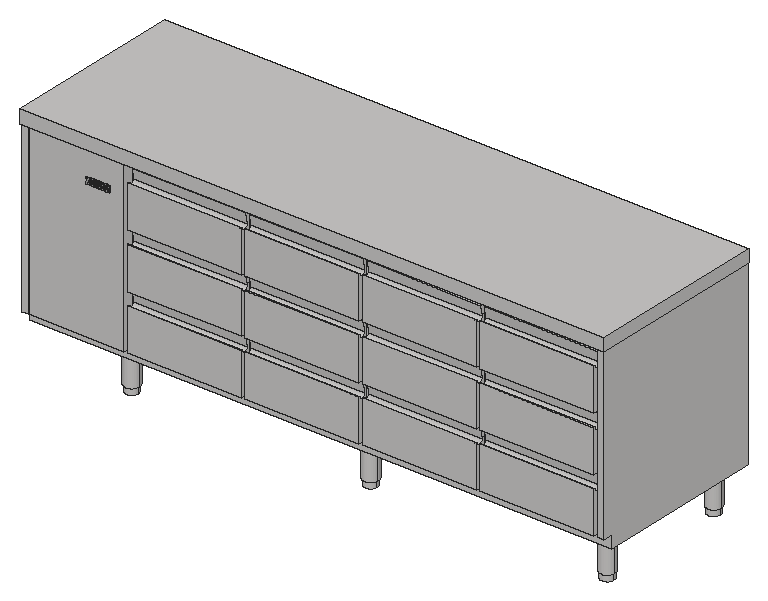
Revit family "QF_ZANUSSI_111065_ZH4HBCCCC", category Specialty Equipment, Revit 2018 (continued)
Definition of nested family "ZAN_Cooling Unit"
  Lines and regions (mm)
    Split face 126
      outline origin (55.016, 2, -257.133) x (0, 0, 1) y (-1, 0, 0)
        loop
          arc (510.649, 158.547) -> (506.648, 162.548) -> (502.647, 158.547) r 4.001
          line (502.647, 158.547) -> (502.647, 116.535)
          arc (502.647, 116.535) -> (506.648, 112.533) -> (510.649, 116.535) r 4.001
          line (510.649, 116.535) -> (510.649, 158.547)
    Split face 127
      outline origin (55.016, 2, -269.136) x (0, 0, 1) y (-1, 0, 0)
        loop
          arc (510.649, 158.547) -> (506.648, 162.548) -> (502.647, 158.547) r 4.001
          line (502.647, 158.547) -> (502.647, 116.535)
          arc (502.647, 116.535) -> (506.648, 112.533) -> (510.649, 116.535) r 4.001
          line (510.649, 116.535) -> (510.649, 158.547)
    Split face 128
      outline origin (55.016, 2, -281.14) x (0, 0, 1) y (-1, 0, 0)
        loop
          arc (510.649, 158.547) -> (506.648, 162.548) -> (502.647, 158.547) r 4.001
          line (502.647, 158.547) -> (502.647, 116.535)
          arc (502.647, 116.535) -> (506.648, 112.533) -> (510.649, 116.535) r 4.001
          line (510.649, 116.535) -> (510.649, 158.547)
    Split face 129
      outline origin (55.016, 2, -293.144) x (0, 0, 1) y (-1, 0, 0)
        loop
          arc (510.649, 158.547) -> (506.648, 162.548) -> (502.647, 158.547) r 4.001
          line (502.647, 158.547) -> (502.647, 116.535)
          arc (502.647, 116.535) -> (506.648, 112.533) -> (510.649, 116.535) r 4.001
          line (510.649, 116.535) -> (510.649, 158.547)
    Split face 130
      outline origin (110.032, 2, -113.091) x (0, 0, 1) y (-1, 0, 0)
        loop
          arc (510.649, 158.547) -> (506.648, 162.548) -> (502.647, 158.547) r 4.001
          line (502.647, 158.547) -> (502.647, 116.535)
          arc (502.647, 116.535) -> (506.648, 112.533) -> (510.649, 116.535) r 4.001
          line (510.649, 116.535) -> (510.649, 158.547)
    Split face 131
      outline origin (110.032, 2, -125.094) x (0, 0, 1) y (-1, 0, 0)
        loop
          arc (510.649, 158.547) -> (506.648, 162.548) -> (502.647, 158.547) r 4.001
          line (502.647, 158.547) -> (502.647, 116.535)
          arc (502.647, 116.535) -> (506.648, 112.533) -> (510.649, 116.535) r 4.001
          line (510.649, 116.535) -> (510.649, 158.547)
    Split face 132
      outline origin (110.032, 2, -137.098) x (0, 0, 1) y (-1, 0, 0)
        loop
          arc (510.649, 158.547) -> (506.648, 162.548) -> (502.647, 158.547) r 4.001
          line (502.647, 158.547) -> (502.647, 116.535)
          arc (502.647, 116.535) -> (506.648, 112.533) -> (510.649, 116.535) r 4.001
          line (510.649, 116.535) -> (510.649, 158.547)
    Split face 133
      outline origin (110.032, 2, -149.101) x (0, 0, 1) y (-1, 0, 0)
        loop
          arc (510.649, 158.547) -> (506.648, 162.548) -> (502.647, 158.547) r 4.001
          line (502.647, 158.547) -> (502.647, 116.535)
          arc (502.647, 116.535) -> (506.648, 112.533) -> (510.649, 116.535) r 4.001
          line (510.649, 116.535) -> (510.649, 158.547)
    Split face 134
      outline origin (110.032, 2, -161.105) x (0, 0, 1) y (-1, 0, 0)
        loop
          arc (510.649, 158.547) -> (506.648, 162.548) -> (502.647, 158.547) r 4.001
          line (502.647, 158.547) -> (502.647, 116.535)
          arc (502.647, 116.535) -> (506.648, 112.533) -> (510.649, 116.535) r 4.001
          line (510.649, 116.535) -> (510.649, 158.547)
    Split face 135
      outline origin (110.032, 2, -173.108) x (0, 0, 1) y (-1, 0, 0)
        loop
          arc (510.649, 158.547) -> (506.648, 162.548) -> (502.647, 158.547) r 4.001
          line (502.647, 158.547) -> (502.647, 116.535)
          arc (502.647, 116.535) -> (506.648, 112.533) -> (510.649, 116.535) r 4.001
          line (510.649, 116.535) -> (510.649, 158.547)
    Split face 136
      outline origin (110.032, 2, -185.112) x (0, 0, 1) y (-1, 0, 0)
        loop
          arc (510.649, 158.547) -> (506.648, 162.548) -> (502.647, 158.547) r 4.001
          line (502.647, 158.547) -> (502.647, 116.535)
          arc (502.647, 116.535) -> (506.648, 112.533) -> (510.649, 116.535) r 4.001
          line (510.649, 116.535) -> (510.649, 158.547)
    Split face 137
      outline origin (110.032, 2, -197.115) x (0, 0, 1) y (-1, 0, 0)
        loop
          arc (510.649, 158.547) -> (506.648, 162.548) -> (502.647, 158.547) r 4.001
          line (502.647, 158.547) -> (502.647, 116.535)
          arc (502.647, 116.535) -> (506.648, 112.533) -> (510.649, 116.535) r 4.001
          line (510.649, 116.535) -> (510.649, 158.547)
    Split face 138
      outline origin (110.032, 2, -209.119) x (0, 0, 1) y (-1, 0, 0)
        loop
          arc (510.649, 158.547) -> (506.648, 162.548) -> (502.647, 158.547) r 4.001
          line (502.647, 158.547) -> (502.647, 116.535)
          arc (502.647, 116.535) -> (506.648, 112.533) -> (510.649, 116.535) r 4.001
          line (510.649, 116.535) -> (510.649, 158.547)
    Split face 139
      outline origin (110.032, 2, -221.122) x (0, 0, 1) y (-1, 0, 0)
        loop
          arc (510.649, 158.547) -> (506.648, 162.548) -> (502.647, 158.547) r 4.001
          line (502.647, 158.547) -> (502.647, 116.535)
          arc (502.647, 116.535) -> (506.648, 112.533) -> (510.649, 116.535) r 4.001
          line (510.649, 116.535) -> (510.649, 158.547)
    Split face 140
      outline origin (110.032, 2, -233.126) x (0, 0, 1) y (-1, 0, 0)
        loop
          arc (510.649, 158.547) -> (506.648, 162.548) -> (502.647, 158.547) r 4.001
          line (502.647, 158.547) -> (502.647, 116.535)
          arc (502.647, 116.535) -> (506.648, 112.533) -> (510.649, 116.535) r 4.001
          line (510.649, 116.535) -> (510.649, 158.547)
    Split face 141
      outline origin (110.032, 2, -245.129) x (0, 0, 1) y (-1, 0, 0)
        loop
          arc (510.649, 158.547) -> (506.648, 162.548) -> (502.647, 158.547) r 4.001
          line (502.647, 158.547) -> (502.647, 116.535)
          arc (502.647, 116.535) -> (506.648, 112.533) -> (510.649, 116.535) r 4.001
          line (510.649, 116.535) -> (510.649, 158.547)
    Split face 142
      outline origin (110.032, 2, -257.133) x (0, 0, 1) y (-1, 0, 0)
        loop
          arc (510.649, 158.547) -> (506.648, 162.548) -> (502.647, 158.547) r 4.001
          line (502.647, 158.547) -> (502.647, 116.535)
          arc (502.647, 116.535) -> (506.648, 112.533) -> (510.649, 116.535) r 4.001
          line (510.649, 116.535) -> (510.649, 158.547)
    Split face 143
      outline origin (110.032, 2, -269.136) x (0, 0, 1) y (-1, 0, 0)
        loop
          arc (510.649, 158.547) -> (506.648, 162.548) -> (502.647, 158.547) r 4.001
          line (502.647, 158.547) -> (502.647, 116.535)
          arc (502.647, 116.535) -> (506.648, 112.533) -> (510.649, 116.535) r 4.001
          line (510.649, 116.535) -> (510.649, 158.547)
    Split face 144
      outline origin (110.032, 2, -281.14) x (0, 0, 1) y (-1, 0, 0)
        loop
          arc (510.649, 158.547) -> (506.648, 162.548) -> (502.647, 158.547) r 4.001
          line (502.647, 158.547) -> (502.647, 116.535)
          arc (502.647, 116.535) -> (506.648, 112.533) -> (510.649, 116.535) r 4.001
          line (510.649, 116.535) -> (510.649, 158.547)
    Split face 145
      outline origin (110.032, 2, -293.144) x (0, 0, 1) y (-1, 0, 0)
        loop
          arc (510.649, 158.547) -> (506.648, 162.548) -> (502.647, 158.547) r 4.001
          line (502.647, 158.547) -> (502.647, 116.535)
          arc (502.647, 116.535) -> (506.648, 112.533) -> (510.649, 116.535) r 4.001
          line (510.649, 116.535) -> (510.649, 158.547)
    Split face 146
      outline origin (165.048, 2, -113.091) x (0, 0, 1) y (-1, 0, 0)
        loop
          arc (510.649, 158.547) -> (506.648, 162.548) -> (502.647, 158.547) r 4.001
          line (502.647, 158.547) -> (502.647, 116.535)
          arc (502.647, 116.535) -> (506.648, 112.533) -> (510.649, 116.535) r 4.001
          line (510.649, 116.535) -> (510.649, 158.547)
    Split face 147
      outline origin (165.048, 2, -125.094) x (0, 0, 1) y (-1, 0, 0)
        loop
          arc (510.649, 158.547) -> (506.648, 162.548) -> (502.647, 158.547) r 4.001
          line (502.647, 158.547) -> (502.647, 116.535)
          arc (502.647, 116.535) -> (506.648, 112.533) -> (510.649, 116.535) r 4.001
          line (510.649, 116.535) -> (510.649, 158.547)
    Split face 148
      outline origin (165.048, 2, -137.098) x (0, 0, 1) y (-1, 0, 0)
        loop
          arc (510.649, 158.547) -> (506.648, 162.548) -> (502.647, 158.547) r 4.001
          line (502.647, 158.547) -> (502.647, 116.535)
          arc (502.647, 116.535) -> (506.648, 112.533) -> (510.649, 116.535) r 4.001
          line (510.649, 116.535) -> (510.649, 158.547)
    Split face 149
      outline origin (165.048, 2, -149.101) x (0, 0, 1) y (-1, 0, 0)
        loop
          arc (510.649, 158.547) -> (506.648, 162.548) -> (502.647, 158.547) r 4.001
          line (502.647, 158.547) -> (502.647, 116.535)
          arc (502.647, 116.535) -> (506.648, 112.533) -> (510.649, 116.535) r 4.001
          line (510.649, 116.535) -> (510.649, 158.547)
    Split face 150
      outline origin (165.048, 2, -161.105) x (0, 0, 1) y (-1, 0, 0)
        loop
          arc (510.649, 158.547) -> (506.648, 162.548) -> (502.647, 158.547) r 4.001
          line (502.647, 158.547) -> (502.647, 116.535)
          arc (502.647, 116.535) -> (506.648, 112.533) -> (510.649, 116.535) r 4.001
          line (510.649, 116.535) -> (510.649, 158.547)
    Split face 151
      outline origin (165.048, 2, -173.108) x (0, 0, 1) y (-1, 0, 0)
        loop
          arc (510.649, 158.547) -> (506.648, 162.548) -> (502.647, 158.547) r 4.001
          line (502.647, 158.547) -> (502.647, 116.535)
          arc (502.647, 116.535) -> (506.648, 112.533) -> (510.649, 116.535) r 4.001
          line (510.649, 116.535) -> (510.649, 158.547)
    Split face 152
      outline origin (165.048, 2, -185.112) x (0, 0, 1) y (-1, 0, 0)
        loop
          arc (510.649, 158.547) -> (506.648, 162.548) -> (502.647, 158.547) r 4.001
          line (502.647, 158.547) -> (502.647, 116.535)
          arc (502.647, 116.535) -> (506.648, 112.533) -> (510.649, 116.535) r 4.001
          line (510.649, 116.535) -> (510.649, 158.547)
    Split face 153
      outline origin (165.048, 2, -197.115) x (0, 0, 1) y (-1, 0, 0)
        loop
          arc (510.649, 158.547) -> (506.648, 162.548) -> (502.647, 158.547) r 4.001
          line (502.647, 158.547) -> (502.647, 116.535)
          arc (502.647, 116.535) -> (506.648, 112.533) -> (510.649, 116.535) r 4.001
          line (510.649, 116.535) -> (510.649, 158.547)
    Split face 154
      outline origin (165.048, 2, -209.119) x (0, 0, 1) y (-1, 0, 0)
        loop
          arc (510.649, 158.547) -> (506.648, 162.548) -> (502.647, 158.547) r 4.001
          line (502.647, 158.547) -> (502.647, 116.535)
          arc (502.647, 116.535) -> (506.648, 112.533) -> (510.649, 116.535) r 4.001
          line (510.649, 116.535) -> (510.649, 158.547)
    Split face 155
      outline origin (165.048, 2, -221.122) x (0, 0, 1) y (-1, 0, 0)
        loop
          arc (510.649, 158.547) -> (506.648, 162.548) -> (502.647, 158.547) r 4.001
          line (502.647, 158.547) -> (502.647, 116.535)
          arc (502.647, 116.535) -> (506.648, 112.533) -> (510.649, 116.535) r 4.001
          line (510.649, 116.535) -> (510.649, 158.547)
    Split face 156
      outline origin (165.048, 2, -233.126) x (0, 0, 1) y (-1, 0, 0)
        loop
          arc (510.649, 158.547) -> (506.648, 162.548) -> (502.647, 158.547) r 4.001
          line (502.647, 158.547) -> (502.647, 116.535)
          arc (502.647, 116.535) -> (506.648, 112.533) -> (510.649, 116.535) r 4.001
          line (510.649, 116.535) -> (510.649, 158.547)
    Split face 157
      outline origin (165.048, 2, -245.129) x (0, 0, 1) y (-1, 0, 0)
        loop
          arc (510.649, 158.547) -> (506.648, 162.548) -> (502.647, 158.547) r 4.001
          line (502.647, 158.547) -> (502.647, 116.535)
          arc (502.647, 116.535) -> (506.648, 112.533) -> (510.649, 116.535) r 4.001
          line (510.649, 116.535) -> (510.649, 158.547)
    Split face 158
      outline origin (165.048, 2, -257.133) x (0, 0, 1) y (-1, 0, 0)
        loop
          arc (510.649, 158.547) -> (506.648, 162.548) -> (502.647, 158.547) r 4.001
          line (502.647, 158.547) -> (502.647, 116.535)
          arc (502.647, 116.535) -> (506.648, 112.533) -> (510.649, 116.535) r 4.001
          line (510.649, 116.535) -> (510.649, 158.547)
    Split face 159
      outline origin (165.048, 2, -269.136) x (0, 0, 1) y (-1, 0, 0)
        loop
          arc (510.649, 158.547) -> (506.648, 162.548) -> (502.647, 158.547) r 4.001
          line (502.647, 158.547) -> (502.647, 116.535)
          arc (502.647, 116.535) -> (506.648, 112.533) -> (510.649, 116.535) r 4.001
          line (510.649, 116.535) -> (510.649, 158.547)
    Split face 160
      outline origin (165.048, 2, -281.14) x (0, 0, 1) y (-1, 0, 0)
        loop
          arc (510.649, 158.547) -> (506.648, 162.548) -> (502.647, 158.547) r 4.001
          line (502.647, 158.547) -> (502.647, 116.535)
          arc (502.647, 116.535) -> (506.648, 112.533) -> (510.649, 116.535) r 4.001
          line (510.649, 116.535) -> (510.649, 158.547)
    Split face 161
      outline origin (165.048, 2, -293.144) x (0, 0, 1) y (-1, 0, 0)
        loop
          arc (510.649, 158.547) -> (506.648, 162.548) -> (502.647, 158.547) r 4.001
          line (502.647, 158.547) -> (502.647, 116.535)
          arc (502.647, 116.535) -> (506.648, 112.533) -> (510.649, 116.535) r 4.001
          line (510.649, 116.535) -> (510.649, 158.547)
    Split face 162
      outline origin (220.064, 2, -113.091) x (0, 0, 1) y (-1, 0, 0)
        loop
          arc (510.649, 158.547) -> (506.648, 162.548) -> (502.647, 158.547) r 4.001
          line (502.647, 158.547) -> (502.647, 116.535)
          arc (502.647, 116.535) -> (506.648, 112.533) -> (510.649, 116.535) r 4.001
          line (510.649, 116.535) -> (510.649, 158.547)
    Split face 163
      outline origin (220.064, 2, -125.094) x (0, 0, 1) y (-1, 0, 0)
        loop
          arc (510.649, 158.547) -> (506.648, 162.548) -> (502.647, 158.547) r 4.001
          line (502.647, 158.547) -> (502.647, 116.535)
          arc (502.647, 116.535) -> (506.648, 112.533) -> (510.649, 116.535) r 4.001
          line (510.649, 116.535) -> (510.649, 158.547)
    Split face 164
      outline origin (220.064, 2, -137.098) x (0, 0, 1) y (-1, 0, 0)
        loop
          arc (510.649, 158.547) -> (506.648, 162.548) -> (502.647, 158.547) r 4.001
          line (502.647, 158.547) -> (502.647, 116.535)
          arc (502.647, 116.535) -> (506.648, 112.533) -> (510.649, 116.535) r 4.001
          line (510.649, 116.535) -> (510.649, 158.547)
    Split face 165
      outline origin (220.064, 2, -149.101) x (0, 0, 1) y (-1, 0, 0)
        loop
          arc (510.649, 158.547) -> (506.648, 162.548) -> (502.647, 158.547) r 4.001
          line (502.647, 158.547) -> (502.647, 116.535)
          arc (502.647, 116.535) -> (506.648, 112.533) -> (510.649, 116.535) r 4.001
          line (510.649, 116.535) -> (510.649, 158.547)
    Split face 166
      outline origin (220.064, 2, -161.105) x (0, 0, 1) y (-1, 0, 0)
        loop
          arc (510.649, 158.547) -> (506.648, 162.548) -> (502.647, 158.547) r 4.001
          line (502.647, 158.547) -> (502.647, 116.535)
          arc (502.647, 116.535) -> (506.648, 112.533) -> (510.649, 116.535) r 4.001
          line (510.649, 116.535) -> (510.649, 158.547)
    Split face 167
      outline origin (220.064, 2, -173.108) x (0, 0, 1) y (-1, 0, 0)
        loop
          arc (510.649, 158.547) -> (506.648, 162.548) -> (502.647, 158.547) r 4.001
          line (502.647, 158.547) -> (502.647, 116.535)
          arc (502.647, 116.535) -> (506.648, 112.533) -> (510.649, 116.535) r 4.001
          line (510.649, 116.535) -> (510.649, 158.547)
    Split face 168
      outline origin (220.064, 2, -185.112) x (0, 0, 1) y (-1, 0, 0)
        loop
          arc (510.649, 158.547) -> (506.648, 162.548) -> (502.647, 158.547) r 4.001
          line (502.647, 158.547) -> (502.647, 116.535)
          arc (502.647, 116.535) -> (506.648, 112.533) -> (510.649, 116.535) r 4.001
          line (510.649, 116.535) -> (510.649, 158.547)
    Split face 169
      outline origin (220.064, 2, -197.115) x (0, 0, 1) y (-1, 0, 0)
        loop
          arc (510.649, 158.547) -> (506.648, 162.548) -> (502.647, 158.547) r 4.001
          line (502.647, 158.547) -> (502.647, 116.535)
          arc (502.647, 116.535) -> (506.648, 112.533) -> (510.649, 116.535) r 4.001
          line (510.649, 116.535) -> (510.649, 158.547)
    Split face 170
      outline origin (220.064, 2, -209.119) x (0, 0, 1) y (-1, 0, 0)
        loop
          arc (510.649, 158.547) -> (506.648, 162.548) -> (502.647, 158.547) r 4.001
          line (502.647, 158.547) -> (502.647, 116.535)
          arc (502.647, 116.535) -> (506.648, 112.533) -> (510.649, 116.535) r 4.001
          line (510.649, 116.535) -> (510.649, 158.547)
    Split face 171
      outline origin (220.064, 2, -221.122) x (0, 0, 1) y (-1, 0, 0)
        loop
          arc (510.649, 158.547) -> (506.648, 162.548) -> (502.647, 158.547) r 4.001
          line (502.647, 158.547) -> (502.647, 116.535)
          arc (502.647, 116.535) -> (506.648, 112.533) -> (510.649, 116.535) r 4.001
          line (510.649, 116.535) -> (510.649, 158.547)
    Split face 172
      outline origin (220.064, 2, -233.126) x (0, 0, 1) y (-1, 0, 0)
        loop
          arc (510.649, 158.547) -> (506.648, 162.548) -> (502.647, 158.547) r 4.001
          line (502.647, 158.547) -> (502.647, 116.535)
          arc (502.647, 116.535) -> (506.648, 112.533) -> (510.649, 116.535) r 4.001
          line (510.649, 116.535) -> (510.649, 158.547)
    Split face 173
      outline origin (220.064, 2, -245.129) x (0, 0, 1) y (-1, 0, 0)
        loop
          arc (510.649, 158.547) -> (506.648, 162.548) -> (502.647, 158.547) r 4.001
          line (502.647, 158.547) -> (502.647, 116.535)
          arc (502.647, 116.535) -> (506.648, 112.533) -> (510.649, 116.535) r 4.001
          line (510.649, 116.535) -> (510.649, 158.547)
    Split face 174
      outline origin (220.064, 2, -257.133) x (0, 0, 1) y (-1, 0, 0)
        loop
          arc (510.649, 158.547) -> (506.648, 162.548) -> (502.647, 158.547) r 4.001
          line (502.647, 158.547) -> (502.647, 116.535)
          arc (502.647, 116.535) -> (506.648, 112.533) -> (510.649, 116.535) r 4.001
          line (510.649, 116.535) -> (510.649, 158.547)
    Split face 175
      outline origin (220.064, 2, -269.136) x (0, 0, 1) y (-1, 0, 0)
        loop
          arc (510.649, 158.547) -> (506.648, 162.548) -> (502.647, 158.547) r 4.001
          line (502.647, 158.547) -> (502.647, 116.535)
          arc (502.647, 116.535) -> (506.648, 112.533) -> (510.649, 116.535) r 4.001
          line (510.649, 116.535) -> (510.649, 158.547)
    Split face 176
      outline origin (220.064, 2, -281.14) x (0, 0, 1) y (-1, 0, 0)
        loop
          arc (510.649, 158.547) -> (506.648, 162.548) -> (502.647, 158.547) r 4.001
          line (502.647, 158.547) -> (502.647, 116.535)
          arc (502.647, 116.535) -> (506.648, 112.533) -> (510.649, 116.535) r 4.001
          line (510.649, 116.535) -> (510.649, 158.547)
    Split face 177
      outline origin (220.064, 2, -293.144) x (0, 0, 1) y (-1, 0, 0)
        loop
          arc (510.649, 158.547) -> (506.648, 162.548) -> (502.647, 158.547) r 4.001
          line (502.647, 158.547) -> (502.647, 116.535)
          arc (502.647, 116.535) -> (506.648, 112.533) -> (510.649, 116.535) r 4.001
          line (510.649, 116.535) -> (510.649, 158.547)
    Split face 178
      outline origin (275.081, 2, -113.091) x (0, 0, 1) y (-1, 0, 0)
        loop
          arc (510.649, 158.547) -> (506.648, 162.548) -> (502.647, 158.547) r 4.001
          line (502.647, 158.547) -> (502.647, 116.535)
          arc (502.647, 116.535) -> (506.648, 112.533) -> (510.649, 116.535) r 4.001
          line (510.649, 116.535) -> (510.649, 158.547)
    Split face 179
      outline origin (275.081, 2, -125.094) x (0, 0, 1) y (-1, 0, 0)
        loop
          arc (510.649, 158.547) -> (506.648, 162.548) -> (502.647, 158.547) r 4.001
          line (502.647, 158.547) -> (502.647, 116.535)
          arc (502.647, 116.535) -> (506.648, 112.533) -> (510.649, 116.535) r 4.001
          line (510.649, 116.535) -> (510.649, 158.547)
    Split face 180
      outline origin (275.081, 2, -137.098) x (0, 0, 1) y (-1, 0, 0)
        loop
          arc (510.649, 158.547) -> (506.648, 162.548) -> (502.647, 158.547) r 4.001
          line (502.647, 158.547) -> (502.647, 116.535)
          arc (502.647, 116.535) -> (506.648, 112.533) -> (510.649, 116.535) r 4.001
          line (510.649, 116.535) -> (510.649, 158.547)
    Split face 181
      outline origin (275.081, 2, -149.101) x (0, 0, 1) y (-1, 0, 0)
        loop
          arc (510.649, 158.547) -> (506.648, 162.548) -> (502.647, 158.547) r 4.001
          line (502.647, 158.547) -> (502.647, 116.535)
          arc (502.647, 116.535) -> (506.648, 112.533) -> (510.649, 116.535) r 4.001
          line (510.649, 116.535) -> (510.649, 158.547)
    Split face 182
      outline origin (275.081, 2, -161.105) x (0, 0, 1) y (-1, 0, 0)
        loop
          arc (510.649, 158.547) -> (506.648, 162.548) -> (502.647, 158.547) r 4.001
          line (502.647, 158.547) -> (502.647, 116.535)
          arc (502.647, 116.535) -> (506.648, 112.533) -> (510.649, 116.535) r 4.001
          line (510.649, 116.535) -> (510.649, 158.547)
    Split face 183
      outline origin (275.081, 2, -173.108) x (0, 0, 1) y (-1, 0, 0)
        loop
          arc (510.649, 158.547) -> (506.648, 162.548) -> (502.647, 158.547) r 4.001
          line (502.647, 158.547) -> (502.647, 116.535)
          arc (502.647, 116.535) -> (506.648, 112.533) -> (510.649, 116.535) r 4.001
          line (510.649, 116.535) -> (510.649, 158.547)
    Split face 184
      outline origin (275.081, 2, -185.112) x (0, 0, 1) y (-1, 0, 0)
        loop
          arc (510.649, 158.547) -> (506.648, 162.548) -> (502.647, 158.547) r 4.001
          line (502.647, 158.547) -> (502.647, 116.535)
          arc (502.647, 116.535) -> (506.648, 112.533) -> (510.649, 116.535) r 4.001
          line (510.649, 116.535) -> (510.649, 158.547)
    Split face 185
      outline origin (275.081, 2, -197.115) x (0, 0, 1) y (-1, 0, 0)
        loop
          arc (510.649, 158.547) -> (506.648, 162.548) -> (502.647, 158.547) r 4.001
          line (502.647, 158.547) -> (502.647, 116.535)
          arc (502.647, 116.535) -> (506.648, 112.533) -> (510.649, 116.535) r 4.001
          line (510.649, 116.535) -> (510.649, 158.547)
    Split face 186
      outline origin (275.081, 2, -209.119) x (0, 0, 1) y (-1, 0, 0)
        loop
          arc (510.649, 158.547) -> (506.648, 162.548) -> (502.647, 158.547) r 4.001
          line (502.647, 158.547) -> (502.647, 116.535)
          arc (502.647, 116.535) -> (506.648, 112.533) -> (510.649, 116.535) r 4.001
          line (510.649, 116.535) -> (510.649, 158.547)
    Split face 187
      outline origin (275.081, 2, -221.122) x (0, 0, 1) y (-1, 0, 0)
        loop
          arc (510.649, 158.547) -> (506.648, 162.548) -> (502.647, 158.547) r 4.001
          line (502.647, 158.547) -> (502.647, 116.535)
          arc (502.647, 116.535) -> (506.648, 112.533) -> (510.649, 116.535) r 4.001
          line (510.649, 116.535) -> (510.649, 158.547)
    Split face 188
      outline origin (275.081, 2, -233.126) x (0, 0, 1) y (-1, 0, 0)
        loop
          arc (510.649, 158.547) -> (506.648, 162.548) -> (502.647, 158.547) r 4.001
          line (502.647, 158.547) -> (502.647, 116.535)
          arc (502.647, 116.535) -> (506.648, 112.533) -> (510.649, 116.535) r 4.001
          line (510.649, 116.535) -> (510.649, 158.547)
    Split face 189
      outline origin (275.081, 2, -245.129) x (0, 0, 1) y (-1, 0, 0)
        loop
          arc (510.649, 158.547) -> (506.648, 162.548) -> (502.647, 158.547) r 4.001
          line (502.647, 158.547) -> (502.647, 116.535)
          arc (502.647, 116.535) -> (506.648, 112.533) -> (510.649, 116.535) r 4.001
          line (510.649, 116.535) -> (510.649, 158.547)
    Split face 190
      outline origin (275.081, 2, -257.133) x (0, 0, 1) y (-1, 0, 0)
        loop
          arc (510.649, 158.547) -> (506.648, 162.548) -> (502.647, 158.547) r 4.001
          line (502.647, 158.547) -> (502.647, 116.535)
          arc (502.647, 116.535) -> (506.648, 112.533) -> (510.649, 116.535) r 4.001
          line (510.649, 116.535) -> (510.649, 158.547)
    Split face 191
      outline origin (275.081, 2, -269.136) x (0, 0, 1) y (-1, 0, 0)
        loop
          arc (510.649, 158.547) -> (506.648, 162.548) -> (502.647, 158.547) r 4.001
          line (502.647, 158.547) -> (502.647, 116.535)
          arc (502.647, 116.535) -> (506.648, 112.533) -> (510.649, 116.535) r 4.001
          line (510.649, 116.535) -> (510.649, 158.547)
    Split face 192
      outline origin (275.081, 2, -281.14) x (0, 0, 1) y (-1, 0, 0)
        loop
          arc (510.649, 158.547) -> (506.648, 162.548) -> (502.647, 158.547) r 4.001
          line (502.647, 158.547) -> (502.647, 116.535)
          arc (502.647, 116.535) -> (506.648, 112.533) -> (510.649, 116.535) r 4.001
          line (510.649, 116.535) -> (510.649, 158.547)
    Split face 193
      outline origin (275.081, 2, -293.144) x (0, 0, 1) y (-1, 0, 0)
        loop
          arc (510.649, 158.547) -> (506.648, 162.548) -> (502.647, 158.547) r 4.001
          line (502.647, 158.547) -> (502.647, 116.535)
          arc (502.647, 116.535) -> (506.648, 112.533) -> (510.649, 116.535) r 4.001
          line (510.649, 116.535) -> (510.649, 158.547)
    Split face 194
      outline origin (0, 2, 197) x (0, 0, 1) y (-1, 0, 0)
        loop
          spline (566.835, 20.381) -> (564.628, 19.058) -> (561.987, 18.027) -> (558.955, 17.386) -> (555.581, 17.244) -> (551.912, 17.703) -> (547.993, 18.863) -> (543.871, 20.83) -> (539.591, 23.706) -> (535.202, 27.594) -> (530.748, 32.597) -> (526.28, 38.824) -> (521.835, 46.362)
        loop
          spline (521.835, 58.392) -> (525.386, 49.242) -> (529.197, 41.481) -> (533.2, 35.023) -> (537.329, 29.786) -> (541.516, 25.684) -> (545.695, 22.634) -> (549.798, 20.552) -> (553.759, 19.355) -> (557.511, 18.958) -> (560.984, 19.275) -> (564.115, 20.227) -> (566.835, 21.726)
    Split face 195
      outline origin (0, 2, 197) x (0, 0, 1) y (-1, 0, 0)
        loop
          line (555.835, 149.5) -> (532.835, 149.5) -> (532.835, 94.5) -> (555.835, 94.5) -> (555.835, 149.5)
  Dimensions and locks
    aligned and locked: level to plane 2
  Nested families
    nested 1: "ZAN_Logo_S_Grey" at (85, 2, 741.213) x (1, 0, 0) z (0, -1, 0), visible <- "Show Logo", type "ZAN_Logo_S_Grey"
  Definition of nested family "ZAN_Logo_S_Grey"
    Parameters
      Default Elevation = 0 mm
    Reference planes
      plane 1 "Centro (Fronte/Retro)": y = 0
      plane 2: z = 0
      plane 3 "Centro (Sinistra/Destra)": x = 0
    Forms (mm)
      Extrusion 1, solid
        sketch origin (0, 0, 0) x (1, 0, 0) y (0, 1, 0)
          loop
            line (-1219.2, 1219.2) -> (-1219.2, -1219.2) -> (1219.2, -1219.2) -> (1219.2, 1219.2) -> (-1219.2, 1219.2)
        from 0 to -304.8
      Extrusion 2, solid
        sketch origin (17.793, -46.218, 0) x (-1, 0, 0) y (0, -1, 0)
          loop
            spline (-4.176, -58.079) -> (-3.496, -58.328) -> (-2.793, -58.512) -> (-2.075, -58.63) -> (-1.348, -58.682) -> (-0.619, -58.669) -> (0.106, -58.588) -> (0.818, -58.44) -> (1.512, -58.225) -> (2.18, -57.941) -> (2.817, -57.589) -> (3.414, -57.167) -> (3.966, -56.676)
            spline (3.966, -56.676) -> (4.293, -56.162) -> (4.575, -55.61) -> (4.81, -55.026) -> (5, -54.419) -> (5.146, -53.797) -> (5.247, -53.166) -> (5.304, -52.536) -> (5.318, -51.913) -> (5.288, -51.306) -> (5.217, -50.723) -> (5.103, -50.17) -> (4.949, -49.657)
            line (4.949, -49.657) -> (2.702, -46.428) -> (0.316, -44.323)
            spline (0.316, -44.323) -> (0.065, -44.115) -> (-0.195, -43.909) -> (-0.46, -43.704) -> (-0.729, -43.496) -> (-0.997, -43.282) -> (-1.263, -43.059) -> (-1.523, -42.825) -> (-1.774, -42.576) -> (-2.013, -42.309) -> (-2.238, -42.022) -> (-2.445, -41.712) -> (-2.632, -41.375)
            spline (-2.632, -41.375) -> (-2.666, -41.159) -> (-2.697, -40.934) -> (-2.722, -40.701) -> (-2.736, -40.465) -> (-2.736, -40.227) -> (-2.72, -39.989) -> (-2.682, -39.754) -> (-2.621, -39.524) -> (-2.533, -39.302) -> (-2.414, -39.091) -> (-2.261, -38.892) -> (-2.07, -38.708)
            line (-2.07, -38.708) -> (-0.245, -38.567)
            spline (-0.245, -38.567) -> (0.096, -38.8) -> (0.354, -39.074) -> (0.54, -39.381) -> (0.664, -39.716) -> (0.738, -40.073) -> (0.772, -40.445) -> (0.777, -40.825) -> (0.763, -41.208) -> (0.742, -41.588) -> (0.723, -41.957) -> (0.718, -42.309) -> (0.737, -42.638)
            line (0.737, -42.638) -> (5.65, -42.638)
            spline (5.65, -42.638) -> (5.708, -42.042) -> (5.741, -41.448) -> (5.747, -40.857) -> (5.723, -40.273) -> (5.668, -39.696) -> (5.58, -39.129) -> (5.457, -38.574) -> (5.297, -38.032) -> (5.098, -37.506) -> (4.857, -36.997) -> (4.574, -36.508) -> (4.247, -36.041)
            spline (4.247, -36.041) -> (3.844, -35.675) -> (3.409, -35.35) -> (2.946, -35.065) -> (2.458, -34.819) -> (1.949, -34.612) -> (1.421, -34.444) -> (0.88, -34.314) -> (0.326, -34.221) -> (-0.234, -34.165) -> (-0.8, -34.146) -> (-1.366, -34.163) -> (-1.93, -34.216)
            spline (-1.93, -34.216) -> (-2.526, -34.309) -> (-3.116, -34.448) -> (-3.695, -34.633) -> (-4.259, -34.861) -> (-4.801, -35.131) -> (-5.316, -35.444) -> (-5.799, -35.798) -> (-6.245, -36.191) -> (-6.648, -36.624) -> (-7.002, -37.095) -> (-7.303, -37.603) -> (-7.545, -38.146)
            spline (-7.545, -38.146) -> (-7.694, -38.815) -> (-7.792, -39.487) -> (-7.839, -40.158) -> (-7.836, -40.824) -> (-7.785, -41.482) -> (-7.685, -42.129) -> (-7.539, -42.762) -> (-7.347, -43.377) -> (-7.111, -43.97) -> (-6.83, -44.538) -> (-6.506, -45.078) -> (-6.141, -45.586)
            line (-6.141, -45.586) -> (-0.526, -50.64) -> (0.176, -51.482)
            spline (0.176, -51.482) -> (0.248, -51.66) -> (0.323, -51.843) -> (0.397, -52.03) -> (0.467, -52.22) -> (0.529, -52.412) -> (0.579, -52.605) -> (0.615, -52.798) -> (0.633, -52.989) -> (0.63, -53.179) -> (0.601, -53.366) -> (0.545, -53.55) -> (0.456, -53.728)
            spline (0.456, -53.728) -> (0.375, -53.892) -> (0.273, -54.034) -> (0.154, -54.155) -> (0.02, -54.258) -> (-0.126, -54.343) -> (-0.28, -54.412) -> (-0.441, -54.466) -> (-0.604, -54.508) -> (-0.767, -54.537) -> (-0.928, -54.556) -> (-1.082, -54.567) -> (-1.228, -54.57)
            line (-1.228, -54.57) -> (-2.632, -53.587) -> (-2.772, -50.64) -> (-7.405, -50.64)
            spline (-7.405, -50.64) -> (-7.41, -51.031) -> (-7.423, -51.432) -> (-7.44, -51.839) -> (-7.456, -52.251) -> (-7.469, -52.665) -> (-7.475, -53.079) -> (-7.468, -53.489) -> (-7.446, -53.894) -> (-7.404, -54.291) -> (-7.339, -54.679) -> (-7.247, -55.053) -> (-7.123, -55.412)
            spline (-7.123, -55.412) -> (-6.999, -55.693) -> (-6.837, -55.97) -> (-6.643, -56.244) -> (-6.422, -56.509) -> (-6.177, -56.765) -> (-5.913, -57.009) -> (-5.634, -57.238) -> (-5.346, -57.45) -> (-5.051, -57.643) -> (-4.755, -57.814) -> (-4.462, -57.96) -> (-4.176, -58.079)
          loop
            spline (-21.021, -55.552) -> (-20.633, -56.181) -> (-20.177, -56.736) -> (-19.661, -57.217) -> (-19.092, -57.627) -> (-18.478, -57.966) -> (-17.827, -58.237) -> (-17.147, -58.441) -> (-16.446, -58.578) -> (-15.73, -58.652) -> (-15.009, -58.662) -> (-14.29, -58.611) -> (-13.581, -58.5)
            spline (-13.581, -58.5) -> (-13.088, -58.407) -> (-12.595, -58.269) -> (-12.109, -58.088) -> (-11.636, -57.866) -> (-11.183, -57.605) -> (-10.756, -57.307) -> (-10.361, -56.974) -> (-10.004, -56.608) -> (-9.692, -56.211) -> (-9.431, -55.784) -> (-9.228, -55.33) -> (-9.089, -54.851)
            spline (-9.089, -54.851) -> (-8.873, -54.211) -> (-8.715, -53.559) -> (-8.615, -52.901) -> (-8.574, -52.241) -> (-8.592, -51.585) -> (-8.668, -50.938) -> (-8.802, -50.306) -> (-8.995, -49.693) -> (-9.247, -49.106) -> (-9.557, -48.55) -> (-9.925, -48.03) -> (-10.352, -47.551)
            line (-10.352, -47.551) -> (-15.546, -42.919) -> (-16.669, -41.234)
            spline (-16.669, -41.234) -> (-16.704, -41.021) -> (-16.735, -40.804) -> (-16.761, -40.583) -> (-16.778, -40.361) -> (-16.784, -40.139) -> (-16.774, -39.919) -> (-16.748, -39.701) -> (-16.7, -39.488) -> (-16.63, -39.28) -> (-16.533, -39.08) -> (-16.406, -38.889) -> (-16.248, -38.708)
            line (-16.248, -38.708) -> (-14.844, -38.427)
            spline (-14.844, -38.427) -> (-14.347, -38.545) -> (-13.969, -38.749) -> (-13.695, -39.028) -> (-13.508, -39.368) -> (-13.393, -39.757) -> (-13.335, -40.182) -> (-13.318, -40.63) -> (-13.326, -41.089) -> (-13.344, -41.546) -> (-13.356, -41.988) -> (-13.347, -42.403) -> (-13.3, -42.779)
            line (-13.3, -42.779) -> (-8.387, -42.638)
            spline (-8.387, -42.638) -> (-8.326, -42.034) -> (-8.288, -41.417) -> (-8.277, -40.794) -> (-8.299, -40.169) -> (-8.357, -39.548) -> (-8.457, -38.936) -> (-8.604, -38.339) -> (-8.803, -37.762) -> (-9.058, -37.21) -> (-9.375, -36.689) -> (-9.758, -36.204) -> (-10.212, -35.76)
            spline (-10.212, -35.76) -> (-10.793, -35.336) -> (-11.409, -34.976) -> (-12.054, -34.679) -> (-12.723, -34.445) -> (-13.409, -34.273) -> (-14.107, -34.163) -> (-14.811, -34.115) -> (-15.515, -34.127) -> (-16.213, -34.2) -> (-16.899, -34.333) -> (-17.568, -34.526) -> (-18.213, -34.777)
            spline (-18.213, -34.777) -> (-18.496, -34.897) -> (-18.783, -35.044) -> (-19.071, -35.216) -> (-19.357, -35.412) -> (-19.639, -35.629) -> (-19.915, -35.865) -> (-20.182, -36.119) -> (-20.438, -36.389) -> (-20.681, -36.672) -> (-20.907, -36.967) -> (-21.115, -37.272) -> (-21.301, -37.585)
            spline (-21.301, -37.585) -> (-21.55, -38.26) -> (-21.734, -38.948) -> (-21.854, -39.647) -> (-21.91, -40.351) -> (-21.901, -41.057) -> (-21.828, -41.761) -> (-21.69, -42.459) -> (-21.489, -43.148) -> (-21.222, -43.823) -> (-20.892, -44.48) -> (-20.497, -45.116) -> (-20.038, -45.726)
            line (-20.038, -45.726) -> (-14.142, -51.061) -> (-13.44, -52.886) -> (-14.002, -54.289) -> (-15.265, -54.57) -> (-16.669, -53.587) -> (-16.81, -50.78) -> (-21.582, -50.64)
            spline (-21.582, -50.64) -> (-21.558, -51.063) -> (-21.55, -51.491) -> (-21.554, -51.92) -> (-21.561, -52.35) -> (-21.567, -52.778) -> (-21.565, -53.201) -> (-21.547, -53.619) -> (-21.509, -54.029) -> (-21.444, -54.43) -> (-21.345, -54.818) -> (-21.206, -55.193) -> (-21.021, -55.552)
          loop
            line (-22.424, -34.216) -> (-27.337, -34.216) -> (-27.337, -58.22) -> (-22.424, -58.22) -> (-22.424, -34.216)
          loop
            line (14.213, -39.971) -> (14.213, -58.22) -> (19.126, -58.22) -> (19.126, -42.077) -> (18.845, -38.146) -> (18.424, -37.164) -> (17.442, -35.9) -> (16.459, -35.199) -> (14.494, -34.356) -> (13.511, -34.216) -> (11.265, -34.216) -> (10.142, -34.497) -> (8.458, -35.479) -> (6.493, -38.287) -> (6.352, -39.269) -> (6.352, -58.22) -> (11.265, -58.22) -> (11.265, -40.392) -> (11.827, -39.129) -> (13.371, -38.988) -> (14.213, -39.971)
          loop
            line (20.249, -58.22) -> (24.741, -58.22) -> (24.741, -42.919) -> (28.812, -58.22) -> (34.006, -58.22) -> (34.006, -34.216) -> (29.654, -34.216) -> (29.654, -50.078) -> (25.583, -34.216) -> (20.249, -34.216) -> (20.249, -58.22)
          loop
            line (50.149, -58.22) -> (62.361, -58.22) -> (62.361, -53.728) -> (55.904, -53.868) -> (62.923, -39.129) -> (62.923, -34.216) -> (50.149, -34.216) -> (50.149, -39.129) -> (57.517, -39.129) -> (50.149, -54.149) -> (50.149, -58.22)
          loop
            line (38.778, -58.22) -> (45.516, -58.22) -> (49.868, -34.216) -> (44.814, -34.216) -> (44.113, -38.848) -> (40.042, -38.848) -> (39.34, -34.216) -> (34.286, -34.216) -> (38.778, -58.22)
          loop
            line (43.551, -43.2) -> (40.744, -43.2) -> (42.147, -54.117) -> (43.551, -43.2)
        from 0 to 1.644
    Dimensions and locks
      aligned and locked: plane 2 to Extrusion 1
      aligned and locked: level to Extrusion 1
Definition of nested family "Refrigerator"
  Reference planes
    plane 1 "Center (Front/Back)": y = 0
    plane 2: z = 0
    plane 3 "Center (Left/Right)": x = 0
  Lines and regions (mm)
    detail lines, in view "Ref. Level"
      curve 1: spline (-500, 190, 0) -> (-493.185, 166.706, 0) -> (-473.205, 145, 0) -> (-441.421, 126.36, 0) -> (-400, 112.058, 0) -> (-351.764, 103.067, 0) -> (-300, 100, 0) -> (-248.236, 103.067, 0) -> (-200, 112.058, 0) -> (-158.579, 126.36, 0) -> (-126.795, 145, 0) -> (-106.815, 166.706, 0) -> (-100, 190, 0) -> (-106.815, 213.294, 0) -> (-126.795, 235, 0) -> (-158.579, 253.64, 0) -> (-200, 267.942, 0) -> (-248.236, 276.933, 0) -> (-300, 280, 0) -> (-351.764, 276.933, 0) -> (-400, 267.942, 0) -> (-441.421, 253.64, 0) -> (-473.205, 235, 0) -> (-493.185, 213.294, 0) -> (-500, 190, 0)
      curve 2: line (-300, 130, 0) -> (-300, 250, 0)
      curve 3: line (-351.962, 220, 0) -> (-248.038, 160, 0)
      curve 4: line (-351.962, 160, 0) -> (-248.038, 220, 0)
      curve 5: line (-280.884, 246.873, 0) -> (-300, 225, 0)
      curve 6: line (-300, 225, 0) -> (-319.116, 246.873, 0)
      curve 7: line (-330.311, 207.5, 0) -> (-339.696, 234.992, 0)
      curve 8: line (-358.812, 201.882, 0) -> (-330.311, 207.5, 0)
      curve 9: line (-330.311, 172.5, 0) -> (-358.812, 178.118, 0)
      curve 10: line (-339.696, 145.008, 0) -> (-330.311, 172.5, 0)
      curve 11: line (-300, 155, 0) -> (-319.116, 133.127, 0)
      curve 12: line (-280.884, 133.127, 0) -> (-300, 155, 0)
      curve 13: line (-269.689, 172.5, 0) -> (-260.304, 145.008, 0)
      curve 14: line (-241.188, 178.118, 0) -> (-269.689, 172.5, 0)
      curve 15: line (-269.689, 207.5, 0) -> (-241.188, 201.882, 0)
      curve 16: line (-260.304, 234.992, 0) -> (-269.689, 207.5, 0)
